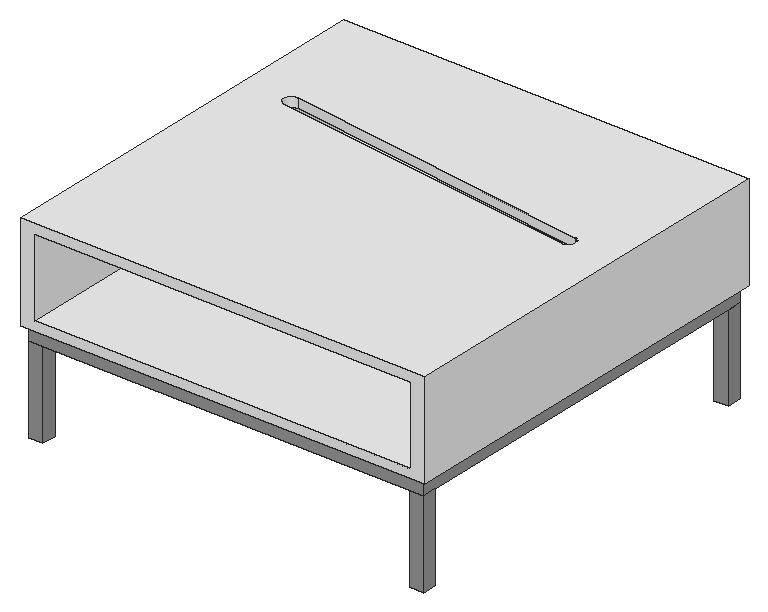
Revit family "Syke sofa table", category Furniture, Revit 2015
Parameters
  Width = 850 mm
  Uniclass 2.0 Description = ""
  Uniclass 2.0 Code = ""
  Uniclass 1.4 Description = ""
  Uniclass 1.4 Code = ""
  URL = "www.isku.fi"
  UNSPSC Code = ""
  Type Comments = "Available as antimicrobial"  # constant formula
  Talo 2000 Hankenimike = ""
  Frame Material = Steel, chrome
  ProdLibID = ""
  NBS Reference Description = ""
  NBS Reference Code = ""
  Manufacturer = "Isku Oy"  # constant formula
  Sheet material = Paint - white
  IFC Classification = ""
  Height = 414 mm
  EAN Code = ""
  Depth = 850 mm
  COBIe Type Category = ""
  Author = "ProdLib Oy"  # constant formula
Reference planes
  plane 1 "Center (Front/Back)": y = 0
  plane 2: z = 0
  plane 3 "Center (Left/Right)": x = 0
  plane 4: x = -415
  plane 5: x = -425
  plane 6: y = 425
  plane 7: y = 415
  plane 8: x = 425
  plane 9: x = 415
  plane 10: y = -415
  plane 11: y = -425
  plane 12: z = 414
Forms (mm)
  Extrusion 1, solid, material "Paint - white" <- "Sheet material"
    sketch origin (0, 0, 0) x (1, 0, 0) y (0, 0, 1)
      loop
        line (425, 414) -> (-425, 414) -> (-425, 212) -> (425, 212) -> (425, 414)
      loop
        line (-395, 231) -> (395, 231) -> (395, 395) -> (-395, 395) -> (-395, 231)
    from -425 to 425
  Extrusion 2, void
    sketch origin (0, 0, 0) x (1, 0, 0) y (0, 1, 0)
      loop
        arc (-321.385, 173.24) -> (-338.113, 160.194) -> (-325.067, 143.467) r 15
        line (-325.067, 143.467) -> (321.934, 63.467)
        arc (321.934, 63.467) -> (338.661, 76.512) -> (325.615, 93.24) r 15
        line (325.615, 93.24) -> (-321.385, 173.24)
    from 375.14 to 466.482
  Extrusion 3, solid, material "Steel, chrome" <- "Frame Material"
    sketch origin (0, 0, 0) x (1, 0, 0) y (0, 1, 0)
      loop
        line (-415, 415) -> (-415, -415) -> (415, -415) -> (415, 415) -> (-415, 415)
      loop
        line (385, -385) -> (385, 385) -> (-385, 385) -> (-385, -385) -> (385, -385)
    from 182 to 212
  Extrusion 4, solid, material "Steel, chrome" <- "Frame Material"
    sketch origin (0, 0, 0) x (1, 0, 0) y (0, 1, 0)
      loop
        line (-385, 385) -> (-385, 415) -> (-415, 415) -> (-415, 385) -> (-385, 385)
      loop
        line (385, 385) -> (415, 385) -> (415, 415) -> (385, 415) -> (385, 385)
      loop
        line (385, -385) -> (385, -415) -> (415, -415) -> (415, -385) -> (385, -385)
      loop
        line (-385, -385) -> (-415, -385) -> (-415, -415) -> (-385, -415) -> (-385, -385)
    from 0 to 182
Cuts and joins
  Extrusion 2 cuts Extrusion 1
Lines and regions (mm)
  symbolic lines
    curve 1: line (-425, 425, 0) -> (-425, -425, 0)
    curve 2: line (-425, -425, 0) -> (425, -425, 0)
    curve 3: line (425, -425, 0) -> (425, 425, 0)
    curve 4: line (425, 425, 0) -> (-425, 425, 0)
    curve 5: line (321.934, 63.467, 0) -> (-325.067, 143.467, 0)
    curve 6: arc (-325.067, 143.467, 0) -> (-338.113, 160.194, 0) -> (-321.385, 173.24, 0) r 15
    curve 7: line (-321.385, 173.24, 0) -> (325.615, 93.24, 0)
    curve 8: arc (325.615, 93.24, 0) -> (338.661, 76.512, 0) -> (321.934, 63.467, 0) r 15
Dimensions and locks
  locked: plane 5 to plane 4 at 10
  locked: plane 9 to plane 8 at 10
  locked: plane 10 to plane 11 at 10
  locked: plane 6 to plane 7 at 10
  equal spacing: plane 5, plane 3 "Center (Left/Right)", plane 8
  "Width": plane 5 to plane 8
  equal spacing: plane 6, plane 1 "Center (Front/Back)", plane 11
  "Depth": plane 6 to plane 11
  locked: plane 12 to cut or joined group of Extrusion 1, Extrusion 2 at 202
  "Height": plane 12 to level
  locked: plane 12 to Extrusion 3 at 232
  aligned and locked: level to plane 2
  aligned and locked: cut or joined group of Extrusion 1, Extrusion 2 to plane 11
  aligned and locked: plane 8 to cut or joined group of Extrusion 1, Extrusion 2
  aligned and locked: plane 6 to cut or joined group of Extrusion 1, Extrusion 2
  aligned and locked: cut or joined group of Extrusion 1, Extrusion 2 to plane 5
  aligned and locked: Extrusion 4 to Extrusion 3
  aligned and locked: Extrusion 3 to plane 4
  aligned and locked: plane 7 to Extrusion 3
  aligned and locked: plane 9 to Extrusion 3
  aligned and locked: Extrusion 3 to plane 10
  aligned and locked: cut or joined group of Extrusion 1, Extrusion 2 to plane 12
  aligned and locked: Extrusion 3 to cut or joined group of Extrusion 1, Extrusion 2
  aligned and locked: Extrusion 4 to level
  aligned and locked: level to Extrusion 4
Automatic sketch dimensions
  Extrusion 1 sketch curve to plane 5 = 0 mm
  Extrusion 1 sketch curve to plane 8 = 0 mm
  plane 4 to Extrusion 1 sketch curve = 20 mm
  Extrusion 1 sketch curve to plane 9 = 20 mm
  level to Extrusion 1 sketch curve = 212 mm
  Extrusion 1 sketch curve to Extrusion 1 sketch curve = 19 mm  (x2)
  Extrusion 1 sketch curve to Extrusion 1 sketch curve = 164 mm
  plane 4 to Extrusion 2 sketch curve = 89.933 mm
  Extrusion 2 sketch curve to Extrusion 2 sketch curve = 1.841 mm  (x4)
  Extrusion 2 sketch curve to plane 9 = 93.066 mm
  Extrusion 2 sketch curve to plane 1 "Center (Front/Back)" = 63.467 mm
  Extrusion 2 sketch curve to Extrusion 2 sketch curve = 14.886 mm
  Extrusion 2 sketch curve to plane 1 "Center (Front/Back)" = 143.467 mm
  Extrusion 2 sketch curve to Extrusion 2 sketch curve = 14.887 mm
  Extrusion 3 sketch curve to plane 4 = 0 mm
  Extrusion 3 sketch curve to plane 9 = 0 mm
  Extrusion 3 sketch curve to plane 10 = 0 mm
  Extrusion 3 sketch curve to plane 7 = 0 mm
  plane 4 to Extrusion 3 sketch curve = 30 mm
  Extrusion 3 sketch curve to plane 9 = 30 mm
  plane 10 to Extrusion 3 sketch curve = 30 mm
  Extrusion 3 sketch curve to plane 7 = 30 mm
  Extrusion 4 sketch curve to plane 4 = 0 mm  (x2)
  Extrusion 4 sketch curve to plane 10 = 0 mm  (x2)
  Extrusion 4 sketch curve to plane 7 = 0 mm  (x2)
  Extrusion 4 sketch curve to plane 9 = 0 mm  (x2)
  Extrusion 4 sketch curve to Extrusion 4 sketch curve = 30 mm  (x5)
  plane 4 to Extrusion 4 sketch curve = 30 mm
  plane 10 to Extrusion 4 sketch curve = 30 mm  (x2)
  curve 1 to plane 5 = 0 mm
  curve 3 to plane 6 = 0 mm
  curve 3 to plane 8 = 0 mm
  curve 1 to plane 11 = 0 mm
  plane 4 to curve 5 = 89.933 mm
  curve 5 to curve 6 = 1.841 mm
  curve 6 to curve 7 = 1.841 mm
  curve 5 to plane 9 = 93.066 mm
  curve 5 to curve 8 = 1.841 mm
  curve 8 to curve 7 = 1.841 mm
  curve 5 to plane 1 "Center (Front/Back)" = 63.467 mm
  curve 5 to curve 8 = 14.886 mm
  curve 5 to plane 1 "Center (Front/Back)" = 143.467 mm
  curve 5 to curve 6 = 14.887 mm
